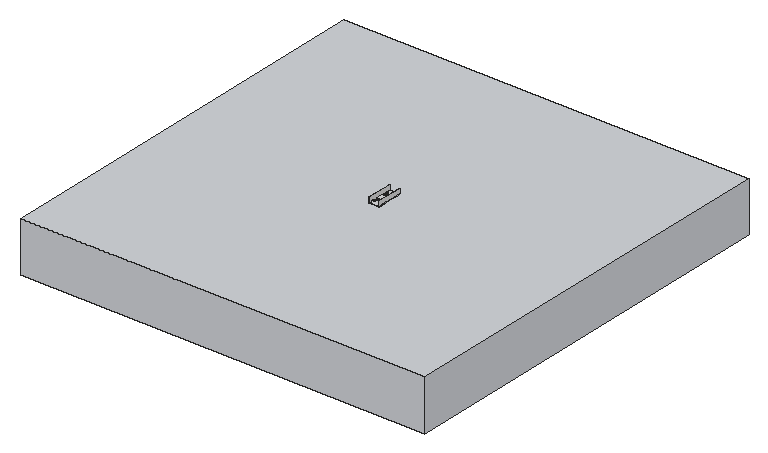
Revit family "Specialty_Equipment-Metal_Raceway-Hubbell_Wiring-Rigid_Inside_Coupling-HBL3001A", category Specialty Equipment, host Face, Revit 2015
Parameters
  URL = "http://www.hubbell-wiring.com/"
  Product data url = "https://bimobject.com/hubbellwiring/product/hubbell-metal-raceway-hbl3000"
  Product Page URL = "http://ecatalog.hubbell-wiring.com/ProductInformation/ViewCatalog.aspx?Dest=hubbell-wiring.com/press/catalog/r.pdf"
  Product Documentation Link = "http://www.hubbell-wiring.com/press/pdfs/h5233r08.pdf"
  Model = "HBL3001AGY"
  Manufacturer = "Hubbell Wiring Device Kellems"  # constant formula
  Host Note = "Add in Section View; Host to Wall"  # constant formula
  Description = "Rigid Inside Coupling"  # constant formula
  Default Elevation = 48.00"
  Cable Tray Material = Metal-Hubbell-Steel
  Assembly Code = "D5090900"
  A = 6.00"
Reference planes (in)
  plane 1 "Center (Front/Back)": y = 0
  plane 2: z = 0.04
  plane 3 "Center (Left/Right)": x = 0
  plane 4: y = 3
  plane 5: z = 1.23
  plane 6: x = -1.2
  plane 7: x = 1.2
  plane 8: y = -3
  plane 9: y = 2.62
  plane 10: y = 1.065
  plane 11: y = -1.065
  plane 12: y = 1.56
  plane 13: y = -2.62
  plane 14: y = -1.56
  plane 15: y = -1.69
  plane 16: y = -2.49
  plane 17: y = 1.69
  plane 18: y = 2.49
  plane 19: through (-1.30018, -180, 0.19602) normal (0.9848, 0, -0.1736)
  plane 20: z = 0.08
  plane 21: z = 0.04
  plane 22: through (1.30018, -180, 0.19602) normal (0.9848, 0, 0.1736)
  plane 23: z = 0.08
  plane 24: z = 0.04
  plane 25: through (-1.30018, 180, 0.19602) normal (-0.9848, 0, 0.1736)
  plane 26: z = 0.08
  plane 27: z = 0.04
  plane 28: through (1.30018, 180, 0.19602) normal (-0.9848, 0, -0.1736)
  plane 29: z = 0.08
  plane 30: z = 0.04
  plane 31: x = 0.845
  plane 32: x = -0.845
  plane 33: y = 1.75
  plane 34: y = -1.75
  plane 35: x = 1.06317
  plane 36: x = -1.06317
  plane 37: x = 1.06317
  plane 38: x = -1.06317
Forms (in)
  Extrusion 1, solid
    sketch origin (0, 0, 0) x (1, 0, 0) y (0, 1, 0)
      loop
        line (-48, 48) -> (-48, -48) -> (48, -48) -> (48, 48) -> (-48, 48)
    from 0.04 to -12
  Extrusion 2, solid, material "Metal-Hubbell-Steel" <- "Cable Tray Material"
    sketch origin (0, 0, 0.04) x (1, 0, 0) y (0, 0, 1)
      loop
        line (-1.16, 1.19) -> (-1.2, 1.19) -> (-1.2, 0.1)
        arc (-1.2, 0.1) -> (-1.17071, 0.02929) -> (-1.1, 0) r 0.1
        line (-1.1, 0) -> (1.1, 0)
        arc (1.1, 0) -> (1.17071, 0.02929) -> (1.2, 0.1) r 0.1
        line (1.2, 0.1) -> (1.2, 1.19) -> (1.16, 1.19) -> (1.16, 0.1)
        arc (1.16, 0.1) -> (1.14243, 0.05757) -> (1.1, 0.04) r 0.06
        line (1.1, 0.04) -> (-1.1, 0.04)
        arc (-1.1, 0.04) -> (-1.14243, 0.05757) -> (-1.16, 0.1) r 0.06
        line (-1.16, 0.1) -> (-1.16, 1.19)
    from -3 to 3
  Extrusion 3, void, detail levels medium+fine
    sketch origin (0, 0, 0.04) x (1, 0, 0) y (0, 0, 1)
      loop
        line (-1.2, 0.16) -> (-1.2, 0) -> (-1.1, 0) -> (-1.1, 0.16) -> (-1.2, 0.16)
    from -1.065 to 1.065
  Extrusion 4, void, detail levels medium+fine
    sketch origin (0, 0, 0.04) x (1, 0, 0) y (0, 0, 1)
      loop
        line (-1.2, 0.16) -> (-1.2, 0) -> (-1.1, 0) -> (-1.1, 0.16) -> (-1.2, 0.16)
    from 1.56 to 2.62
  Extrusion 5, void, detail levels medium+fine
    sketch origin (0, 0, 0.04) x (1, 0, 0) y (0, 0, -1)
      loop
        line (-1.2, -0.16) -> (-1.1, -0.16) -> (-1.1, 0) -> (-1.2, 0) -> (-1.2, -0.16)
    from 1.56 to 2.62
  Extrusion 6, void, detail levels medium+fine
    sketch origin (0, 0, 0.04) x (-1, 0, 0) y (0, 0, -1)
      loop
        line (-1.2, -0.16) -> (-1.1, -0.16) -> (-1.1, 0) -> (-1.2, 0) -> (-1.2, -0.16)
    from -1.065 to 1.065
  Extrusion 7, void, detail levels medium+fine
    sketch origin (0, 0, 0.04) x (-1, 0, 0) y (0, 0, -1)
      loop
        line (-1.2, -0.16) -> (-1.1, -0.16) -> (-1.1, 0) -> (-1.2, 0) -> (-1.2, -0.16)
    from 1.56 to 2.62
  Extrusion 8, void, detail levels medium+fine
    sketch origin (0, 0, 0.04) x (-1, 0, 0) y (0, 0, 1)
      loop
        line (-1.2, 0.16) -> (-1.2, 0) -> (-1.1, 0) -> (-1.1, 0.16) -> (-1.2, 0.16)
    from 1.56 to 2.62
  Extrusion 9, void
    sketch origin (0, 0, 0) x (1, 0, 0) y (0, 1, 0)
      loop
        arc (0.125, 1) -> (0, 1.125) -> (-0.125, 1) r 0.125
        line (-0.125, 1) -> (-0.125, -1)
        arc (-0.125, -1) -> (0, -1.125) -> (0.125, -1) r 0.125
        line (0.125, -1) -> (0.125, 1)
      loop
        circle (-0.625, -1) r 0.14
      loop
        circle (0.625, -1) r 0.14
      loop
        circle (0.625, 1) r 0.14
      loop
        circle (-0.625, 1) r 0.14
    from 0 to 0.10172
  Extrusion 10, solid, material "Metal-Hubbell-Steel" <- "Cable Tray Material"
    sketch origin (0, 0, 0.04) x (1, 0, 0) y (0, 0, 1)
      loop
        line (-1.31503, 0.07185) -> (-1.32185, 0.03317) -> (-1.1, 0) -> (-1.1, 0.04) -> (-1.31503, 0.07185)
    from 1.69 to 2.49
  Extrusion 11, solid, material "Metal-Hubbell-Steel" <- "Cable Tray Material"
    sketch origin (0, 0, 0.04) x (-1, 0, 0) y (0, 0, -1)
      loop
        line (-1.31503, -0.07185) -> (-1.1, -0.04) -> (-1.1, 0) -> (-1.32185, -0.03317) -> (-1.31503, -0.07185)
    from 1.69 to 2.49
  Extrusion 12, solid, material "Metal-Hubbell-Steel" <- "Cable Tray Material"
    sketch origin (0, 0, 0.04) x (1, 0, 0) y (0, 0, -1)
      loop
        line (-1.31503, -0.07185) -> (-1.1, -0.04) -> (-1.1, 0) -> (-1.32185, -0.03317) -> (-1.31503, -0.07185)
    from 1.69 to 2.49
  Extrusion 13, solid, material "Metal-Hubbell-Steel" <- "Cable Tray Material"
    sketch origin (0, 0, 0.04) x (-1, 0, 0) y (0, 0, 1)
      loop
        line (-1.31503, 0.07185) -> (-1.32185, 0.03317) -> (-1.1, 0) -> (-1.1, 0.04) -> (-1.31503, 0.07185)
    from 1.69 to 2.49
  Revolve 14, solid, material "Metal-Hubbell-Steel" <- "Cable Tray Material", detail levels medium+fine
    sketch origin (0.54819, 1.75, -9.7089) x (0, 0, -1) y (-1, 0, 0)
      loop
        arc (-9.84829, -0.36681) -> (-9.83104, -0.44589) -> (-9.7889, -0.51498) r 0.24431
        line (-9.7889, -0.51498) -> (-9.7489, -0.51498) -> (-9.7489, -0.29681) -> (-9.80195, -0.29681) -> (-9.80195, -0.36681) -> (-9.84829, -0.36681)
      axis (-9.84829, -0.29681) -> (-9.7489, -0.29681)
    angle from 0 to 360
  Revolve 15, solid, material "Metal-Hubbell-Steel" <- "Cable Tray Material", detail levels medium+fine
    sketch origin (-0.54819, 1.75, -9.7089) x (0, 0, -1) y (-1, 0, 0)
      loop
        line (-9.84829, 0.36681) -> (-9.80195, 0.36681) -> (-9.80195, 0.29681) -> (-9.7489, 0.29681) -> (-9.7489, 0.51498) -> (-9.7889, 0.51498)
        arc (-9.7889, 0.51498) -> (-9.83104, 0.44589) -> (-9.84829, 0.36681) r 0.24431
      axis (-9.84829, 0.29681) -> (-9.7489, 0.29681)
    angle from 0 to 360
  Revolve 16, solid, material "Metal-Hubbell-Steel" <- "Cable Tray Material", detail levels medium+fine
    sketch origin (0.54819, -1.75, -9.7089) x (0, 0, -1) y (-1, 0, 0)
      loop
        arc (-9.84829, -0.36681) -> (-9.83104, -0.44589) -> (-9.7889, -0.51498) r 0.24431
        line (-9.7889, -0.51498) -> (-9.7489, -0.51498) -> (-9.7489, -0.29681) -> (-9.80195, -0.29681) -> (-9.80195, -0.36681) -> (-9.84829, -0.36681)
      axis (-9.84829, -0.29681) -> (-9.7489, -0.29681)
    angle from 0 to 360
  Revolve 17, solid, material "Metal-Hubbell-Steel" <- "Cable Tray Material", detail levels medium+fine
    sketch origin (0.54819, -1.75, -9.7089) x (0, 0, -1) y (-1, 0, 0)
      loop
        line (-9.84829, 1.46319) -> (-9.80195, 1.46319) -> (-9.80195, 1.39319) -> (-9.7489, 1.39319) -> (-9.7489, 1.61136) -> (-9.7889, 1.61136)
        arc (-9.7889, 1.61136) -> (-9.83104, 1.54226) -> (-9.84829, 1.46319) r 0.24431
      axis (-9.84829, 1.39319) -> (-9.7489, 1.39319)
    angle from 0 to 360
Cuts and joins
  Extrusion 3, Extrusion 4, Extrusion 5, Extrusion 6, Extrusion 7, Extrusion 8, Extrusion 9 cuts Extrusion 2
  joined: Extrusion 2, Extrusion 10, Extrusion 11, Extrusion 12, Extrusion 13
Lines and regions (in)
  symbolic lines
    curve 1: line (-1.2, 3, 0) -> (1.2, 3, 0)
    curve 2: line (-1.2, -3, 0) -> (-1.2, 3, 0)
    curve 3: line (1.2, -3, 0) -> (-1.2, -3, 0)
    curve 4: line (1.2, 3, 0) -> (1.2, -3, 0)
    curve 17: line (0, 3, 1.23) -> (0, -3, 1.23)
    curve 18: line (0, 3, 0.04) -> (0, 3, 1.23)
    curve 19: line (0, -3, 0.04) -> (0, 3, 0.04)
    curve 20: line (0, -3, 1.23) -> (0, -3, 0.04)
  symbolic lines, style "Symbolic lines"
    curve 5: line (-1.2, 0, 1.23) -> (-1.2, 0, 0.14)
    curve 6: line (-1.16, 0, 1.23) -> (-1.2, 0, 1.23)
    curve 7: line (-1.16, 0, 0.14) -> (-1.16, 0, 1.23)
    curve 8: arc (-1.1, 0, 0.08) -> (-1.14243, 0, 0.09757) -> (-1.16, 0, 0.14) r 0.06
    curve 9: line (1.1, 0, 0.08) -> (-1.1, 0, 0.08)
    curve 10: arc (1.16, 0, 0.14) -> (1.14243, 0, 0.09757) -> (1.1, 0, 0.08) r 0.06
    curve 11: line (1.16, 0, 1.23) -> (1.16, 0, 0.14)
    curve 12: line (1.2, 0, 1.23) -> (1.16, 0, 1.23)
    curve 13: line (1.2, 0, 0.14) -> (1.2, 0, 1.23)
    curve 14: arc (1.1, 0, 0.04) -> (1.17071, 0, 0.06929) -> (1.2, 0, 0.14) r 0.1
    curve 15: line (-1.1, 0, 0.04) -> (1.1, 0, 0.04)
    curve 16: arc (-1.2, 0, 0.14) -> (-1.17071, 0, 0.06929) -> (-1.1, 0, 0.04) r 0.1
  symbolic lines, detail levels medium+fine
    curve 21: line (0, 2.62, 0.04) -> (0, 2.62, 0.2)
    curve 22: line (0, 2.62, 0.2) -> (0, 1.56, 0.2)
    curve 23: line (0, 1.56, 0.2) -> (0, 1.56, 0.04)
    curve 24: line (0, 1.065, 0.04) -> (0, 1.065, 0.2)
    curve 25: line (0, 1.065, 0.2) -> (0, -1.065, 0.2)
    curve 26: line (0, -1.065, 0.2) -> (0, -1.065, 0.04)
    curve 27: line (0, -1.56, 0.04) -> (0, -1.56, 0.2)
    curve 28: line (0, -1.56, 0.2) -> (0, -2.62, 0.2)
    curve 29: line (0, -2.62, 0.2) -> (0, -2.62, 0.04)
    curve 30: arc (-0.485, 1, 0) -> (-0.625, 0.86, 0) -> (-0.765, 1, 0) r 0.14
    curve 31: arc (-0.765, 1, 0) -> (-0.625, 1.14, 0) -> (-0.485, 1, 0) r 0.14
    curve 32: arc (0.765, 1, 0) -> (0.625, 0.86, 0) -> (0.485, 1, 0) r 0.14
    curve 33: arc (0.485, 1, 0) -> (0.625, 1.14, 0) -> (0.765, 1, 0) r 0.14
    curve 34: arc (-0.765, -1, 0) -> (-0.625, -0.86, 0) -> (-0.485, -1, 0) r 0.14
    curve 35: arc (-0.485, -1, 0) -> (-0.625, -1.14, 0) -> (-0.765, -1, 0) r 0.14
    curve 36: arc (0.765, -1, 0) -> (0.625, -1.14, 0) -> (0.485, -1, 0) r 0.14
    curve 37: arc (0.485, -1, 0) -> (0.625, -0.86, 0) -> (0.765, -1, 0) r 0.14
    curve 38: line (0.125, 1, 0) -> (0.125, -1, 0)
    curve 39: arc (0.125, -1, 0) -> (0, -1.125, 0) -> (-0.125, -1, 0) r 0.125
    curve 40: line (-0.125, -1, 0) -> (-0.125, 1, 0)
    curve 41: arc (-0.125, 1, 0) -> (0, 1.125, 0) -> (0.125, 1, 0) r 0.125
Dimensions and locks (in)
  plane 5 to Extrusion 1 = 1.19"
  plane 6 to plane 3 "Center (Left/Right)" to plane 7 = 1.20", 1.20"
  equal spacing: plane 4, plane 1 "Center (Front/Back)", plane 8
  plane 6 to plane 7 = 2.40"
  "A": plane 4 to plane 8
  locked: plane 5 to plane 2 at 1.19
  equal spacing: plane 10, plane 1 "Center (Front/Back)", plane 11
  locked: plane 10 to plane 11 at 2.13
  locked: plane 9 to plane 12 at 1.06
  locked: plane 4 to plane 9 at 0.38
  locked: plane 13 to plane 14 at 1.06
  locked: plane 8 to plane 13 at 0.38
  locked: plane 15 to plane 14 at 0.13
  locked: plane 13 to plane 16 at 0.13
  locked: plane 9 to plane 18 at 0.13
  locked: plane 17 to plane 12 at 0.13
  equal spacing: plane 32, plane 3 "Center (Left/Right)", plane 31
  locked: plane 32 to plane 31 at 1.69
  equal spacing: plane 34, plane 1 "Center (Front/Back)", plane 33
  locked: plane 33 to plane 34 at 3.5
  locked: plane 35 to plane 31 at 0.21817
  locked: plane 36 to plane 32 at 0.21817
  locked: plane 37 to plane 31 at 0.21817
  aligned and locked: plane 2 to Extrusion 1
  aligned and locked: plane 5 to Extrusion 2 sketch curve
  aligned and locked: Extrusion 2 sketch curve to plane 5
  aligned and locked: plane 4 to Extrusion 2
  aligned and locked: Extrusion 2 to plane 8
  aligned and locked: plane 2 to Extrusion 3 sketch curve
  aligned and locked: plane 10 to cut or joined group 1 (Extrusion 2, Extrusion 3, Extrusion 4, Extrusion 5, Extrusion 6, Extrusion 7, Extrusion 8, Extrusion 9, Extrusion 10, Extrusion 11, Extrusion 12, Extrusion 13)
  aligned and locked: cut or joined group 1 to plane 11
  aligned and locked: Extrusion 4 sketch curve to cut or joined group 1  (x4)
  aligned and locked: Extrusion 4 to plane 14
  aligned and locked: plane 13 to Extrusion 4
  aligned and locked: plane 9 to Extrusion 5
  aligned and locked: Extrusion 5 to plane 12
  aligned and locked: Extrusion 5 sketch curve to cut or joined group 1
  aligned and locked: plane 16 to Extrusion 10
  aligned and locked: Extrusion 10 to plane 15
  aligned and locked: plane 19 to Extrusion 10 sketch curve
  aligned and locked: plane 20 to cut or joined group 1
  aligned and locked: plane 21 to plane 2
  aligned and locked: plane 20 to Extrusion 10 sketch curve
  aligned and locked: plane 21 to Extrusion 10 sketch curve
  aligned and locked: Extrusion 11 sketch curve to plane 22
  aligned and locked: Extrusion 11 sketch curve to plane 23
  aligned and locked: Extrusion 11 sketch curve to plane 24
  aligned and locked: plane 25 to Extrusion 12 sketch curve
  aligned and locked: Extrusion 12 sketch curve to plane 26
  aligned and locked: Extrusion 12 sketch curve to plane 27
  aligned and locked: plane 28 to Extrusion 13 sketch curve
  aligned and locked: plane 29 to Extrusion 13 sketch curve
  aligned and locked: plane 30 to Extrusion 13 sketch curve
  aligned and locked: Revolve 14 sketch curve to plane 31
  aligned and locked: plane 35 to Revolve 14 sketch curve
  aligned and locked: Revolve 15 sketch curve to plane 36
  aligned and locked: plane 32 to Revolve 15 sketch curve
  aligned and locked: Revolve 16 sketch curve to plane 37
  aligned and locked: plane 38 to Revolve 17 sketch curve
  aligned and locked: curve 1 to cut or joined group 1
  aligned and locked: curve 2 to cut or joined group 1
  aligned and locked: plane 8 to curve 3
  aligned and locked: curve 4 to cut or joined group 1
  aligned and locked: curve 5 to cut or joined group 1
  aligned and locked: curve 6 to cut or joined group 1
  aligned and locked: curve 8 to cut or joined group 1
  aligned and locked: curve 10 to cut or joined group 1
  aligned and locked: curve 11 to cut or joined group 1
  aligned and locked: curve 12 to cut or joined group 1
  aligned and locked: curve 14 to cut or joined group 1
  aligned and locked: curve 16 to cut or joined group 1
  aligned and locked: curve 17 to cut or joined group 1
  aligned and locked: curve 18 to cut or joined group 1
  aligned and locked: curve 19 to cut or joined group 1
  aligned and locked: curve 20 to cut or joined group 1
  aligned and locked: curve 21 to cut or joined group 1
  aligned and locked: curve 22 to cut or joined group 1
  aligned and locked: curve 23 to cut or joined group 1
  aligned and locked: curve 24 to cut or joined group 1
  aligned and locked: curve 25 to cut or joined group 1
  aligned and locked: curve 26 to cut or joined group 1
  aligned and locked: curve 27 to cut or joined group 1
  aligned and locked: curve 28 to cut or joined group 1
  aligned and locked: curve 29 to cut or joined group 1
  aligned and locked: curve 30 to cut or joined group 1
  aligned and locked: curve 31 to cut or joined group 1
  aligned and locked: curve 32 to cut or joined group 1
  aligned and locked: curve 33 to cut or joined group 1
  aligned and locked: curve 34 to cut or joined group 1
  aligned and locked: curve 35 to cut or joined group 1
  aligned and locked: curve 36 to cut or joined group 1
  aligned and locked: curve 37 to cut or joined group 1
  aligned and locked: curve 39 to cut or joined group 1
  aligned and locked: curve 41 to cut or joined group 1
Automatic sketch dimensions
  Extrusion 1 sketch curve to Extrusion 1 sketch curve = 96.00"  (x2)
  Extrusion 2 sketch curve to Extrusion 2 sketch curve = 0.00"  (x4)
  plane 6 to Extrusion 2 sketch curve = 0.00"
  level to Extrusion 2 sketch curve = 0.04"
  Extrusion 2 sketch curve to plane 7 = 0.00"
  Extrusion 2 sketch curve to plane 6 = 0.04"
  Extrusion 2 sketch curve to plane 6 = 0.10"
  Extrusion 2 sketch curve to Extrusion 2 sketch curve = 0.06"
  plane 6 to Extrusion 3 sketch curve = 0.00"
  Extrusion 3 sketch curve to plane 6 = 0.10"
  level to Extrusion 3 sketch curve = 0.20"
  level to Extrusion 5 sketch curve = 0.04"
  plane 6 to Extrusion 5 sketch curve = 0.00"
  Extrusion 5 sketch curve to plane 6 = 0.10"
  Extrusion 6 sketch curve to level = 0.04"
  Extrusion 6 sketch curve to plane 7 = 0.00"
  plane 7 to Extrusion 6 sketch curve = 0.10"
  Extrusion 6 sketch curve to level = 0.20"
  Extrusion 7 sketch curve to level = 0.04"
  Extrusion 7 sketch curve to plane 7 = 0.00"
  plane 7 to Extrusion 7 sketch curve = 0.10"
  Extrusion 7 sketch curve to Extrusion 7 sketch curve = 0.16"
  level to Extrusion 8 sketch curve = 0.04"
  Extrusion 8 sketch curve to plane 7 = 0.00"
  Extrusion 8 sketch curve to plane 7 = 0.10"
  Extrusion 8 sketch curve to Extrusion 8 sketch curve = 0.16"
  Extrusion 9 sketch curve to plane 3 "Center (Left/Right)" = 0.00"
  Extrusion 9 sketch curve to plane 3 "Center (Left/Right)" = 0.125"
  Extrusion 9 sketch curve to plane 10 = 0.065"  (x3)
  Extrusion 9 sketch curve to plane 32 = 0.22"  (x2)
  plane 11 to Extrusion 9 sketch curve = 0.065"  (x3)
  Extrusion 9 sketch curve to plane 31 = 0.22"  (x2)
  plane 20 to Extrusion 10 sketch curve = 0.00683"
  Extrusion 10 sketch curve to plane 20 = 0.03185"
  Extrusion 10 sketch curve to plane 6 = 0.10"
  Extrusion 11 sketch curve to plane 23 = 0.00683"
  plane 23 to Extrusion 11 sketch curve = 0.03185"
  plane 7 to Extrusion 11 sketch curve = 0.10"
  plane 26 to Extrusion 12 sketch curve = 0.00683"
  Extrusion 12 sketch curve to plane 26 = 0.03185"
  Extrusion 12 sketch curve to plane 6 = 0.10"
  plane 29 to Extrusion 13 sketch curve = 0.00683"
  Extrusion 13 sketch curve to plane 29 = 0.03185"
  Extrusion 13 sketch curve to plane 7 = 0.10"
  Revolve 14 sketch curve to plane 31 = 0.00"
  level to Revolve 14 sketch curve = 0.04"
  Revolve 14 sketch curve to Revolve 14 sketch curve = 0.04"
  Revolve 14 sketch curve to Revolve 14 sketch curve = 0.05305"
  Revolve 14 sketch curve to Revolve 14 sketch curve = 0.04635"
  Revolve 14 sketch curve to Revolve 14 sketch curve = 0.15967"
  level to Revolve 14 sketch curve = 0.00814"
  plane 31 to Revolve 14 sketch curve = 0.05817"
  Revolve 14 sketch curve to Revolve 14 sketch curve = 0.11277"
  plane 32 to Revolve 15 sketch curve = 0.00"
  level to Revolve 15 sketch curve = 0.04"
  Revolve 15 sketch curve to Revolve 15 sketch curve = 0.04"
  Revolve 15 sketch curve to Revolve 15 sketch curve = 0.05305"
  Revolve 15 sketch curve to Revolve 15 sketch curve = 0.04635"
  Revolve 15 sketch curve to Revolve 15 sketch curve = 0.15967"
  level to Revolve 15 sketch curve = 0.00814"
  plane 32 to Revolve 15 sketch curve = 0.05817"
  Revolve 15 sketch curve to Revolve 15 sketch curve = 0.11277"
  Revolve 16 sketch curve to level = 0.04"
  Revolve 16 sketch curve to Revolve 16 sketch curve = 0.04"
  plane 31 to Revolve 16 sketch curve = 0.00"  (x2)
  Revolve 16 sketch curve to Revolve 16 sketch curve = 0.05305"
  Revolve 16 sketch curve to Revolve 16 sketch curve = 0.04635"
  Revolve 16 sketch curve to Revolve 16 sketch curve = 0.15967"
  Revolve 16 sketch curve to level = 0.00814"
  Revolve 16 sketch curve to plane 31 = 0.05817"
  Revolve 16 sketch curve to Revolve 16 sketch curve = 0.11277"
  plane 32 to Revolve 17 sketch curve = 0.00"  (x2)
  Revolve 17 sketch curve to level = 0.04"
  Revolve 17 sketch curve to Revolve 17 sketch curve = 0.04"
  Revolve 17 sketch curve to Revolve 17 sketch curve = 0.05305"
  Revolve 17 sketch curve to Revolve 17 sketch curve = 0.04635"
  Revolve 17 sketch curve to Revolve 17 sketch curve = 0.15967"
  Revolve 17 sketch curve to level = 0.00814"
  Revolve 17 sketch curve to plane 32 = 0.05817"
  Revolve 17 sketch curve to Revolve 17 sketch curve = 0.11277"
  radius of Extrusion 9 sketch curve = 0.14"  (x4)
